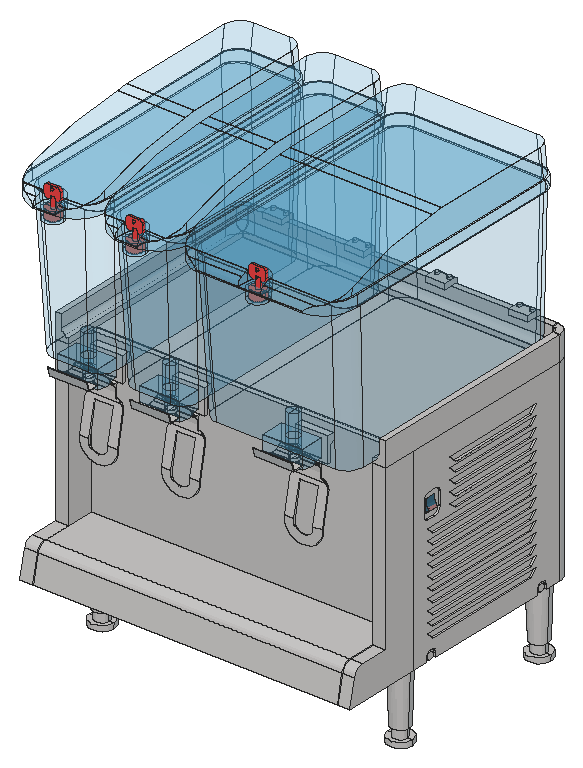
Revit family "QF_ELECTROLUXPROFESSIONAL_600930_ECS3D22UK", category Specialty Equipment, Revit 2018
Family settings
  Round Connector Dimension = Use Diameter
  Part Type = Normal
  Work Plane-Based = No
  Always vertical = Yes
  Cut with Voids When Loaded = No
  Shared = No
  Room Calculation Point = No
Parameters (values of type "Standard")
  Weight = 32.00 kg
  Watts = 0 W
  Volts = 230 V
  URL Manufacturer = "http://professional.electrolux.com"
  URL = "http://professional.electrolux.com"
  Steam Supply Size = 0 mm
  Steam Supply Minimum Pressure = 0.0 Pa
  Steam Supply Maximum Pressure = 0.0 Pa
  Steam Pounds per Hour = 0
  Refrigeration Suction Line Size = 0 mm
  Refrigeration Liquid Line Size = 0 mm
  Refrigerant Compressor Remote = yes
  Manufacturer = "Electrolux Professional"
  Phase = 1
  Model = "ECS3D22UK"
  Length Actual = 521.0 mm  # constant formula
  Item Number = "600930"
  Hot Water Size = 0 mm
  Height Actual = 729.0 mm  # constant formula
  HP = "1.3 HP"
  Gas Size = 0 mm
  Gas KW = 0
  Gas Input Pressure = 0 W
  Direct Waste Size = 0 mm
  Description = "COLD BEV DISP. 1x18 LT+2x9 LT-AGITATOR-UK PLUG"
  Depth Actual = 451.0 mm  # constant formula
  Cycle = 60 Hz
  Condensate Return Size = 0 mm
  Compressed Air Volume = 0.0 L/s
  Compressed Air Size = 0 mm
  Compressed Air Pressure = 0.0 Pa
  Cold Water Size = 0 mm
  Accessory = yes
Reference planes
  plane 1 "Center (Front/Back)": y = 0
  plane 2 "BASE": z = 0
  plane 3 "Center (Left/Right)": x = 0
  plane 4 "FEET": z = 110
  plane 5 "BACK": y = 212
  plane 6 "LEFT": x = -260
  plane 7 "RIGHT": x = 260
  plane 8 "FeetBack": y = 182
  plane 9 "EI_Front": y = 43
  plane 10 "TopBase": z = 420
  plane 11 "TOP": z = 729
  plane 12 "FRONT": y = -256
  plane 13 "FeetFront": y = -91
  plane 14 "Fillet": y = 192
  plane 15 "EI_Left": x = 234.6
  plane 16 "BaseVasca": z = 420
  plane 17 "Key": y = -238.074
Forms (mm)
  Extrusion 1, solid, material "QF_Finishes_Rubber Black"
    sketch origin (127, -237.264, 237.417) x (-1, 0, 0) y (0, 0, 1)
      loop
        line (-134.813, 85.505) -> (-130.245, 83.471) -> (-130.245, 81.362) -> (-128, 81.362) -> (-128, 101.362) -> (-130.245, 101.362)
        arc (-130.245, 101.362) -> (-131.172, 93.043) -> (-134.813, 85.505) r 24.82
    from 185 to 170
  Extrusion 2, solid, material "QF_Clearances", detail levels coarse
    sketch origin (1888.173, -11.659, 0) x (1, 0, 0) y (0, 1, 0)
      loop
        line (-2148.173, -244.341) -> (-2148.173, 223.659) -> (-1628.173, 223.659) -> (-1628.173, -244.341) -> (-1501.173, -244.341) -> (-1501.173, 373.659) -> (-2275.173, 373.659) -> (-2275.173, -244.341) -> (-2148.173, -244.341)
    from 0 to 729
  Revolve 3, solid, material "QF_Finishes_Stainless Steel"
    sketch origin (127, -91, 0) x (0, 0, 1) y (1, 0, 0)
      loop
        line (0, 127) -> (0, 108) -> (110, 108) -> (110, 125.038) -> (23, 122) -> (23, 119) -> (8, 119) -> (8, 127) -> (0, 127)
      axis (0, 108) -> (110, 108)
    angle from 0 to 360
  Revolve 4, solid, material "QF_Finishes_Stainless Steel"
    sketch origin (-127, -91, 0) x (0, 0, 1) y (1, 0, 0)
      loop
        line (0, -127) -> (8, -127) -> (8, -119) -> (23, -119) -> (23, -122) -> (110, -125.038) -> (110, -108) -> (0, -108) -> (0, -127)
      axis (0, -108) -> (110, -108)
    angle from 0 to 360
  Revolve 5, solid, material "QF_Finishes_Stainless Steel"
    sketch origin (127, 182, 0) x (-1, 0, 0) y (0, 0, 1)
      loop
        line (-127, 0) -> (-108, 0) -> (-108, 110) -> (-125.038, 110) -> (-122, 23) -> (-119, 23) -> (-119, 8) -> (-127, 8) -> (-127, 0)
      axis (-108, 0) -> (-108, 110)
    angle from 0 to 360
  Revolve 6, solid, material "QF_Finishes_Stainless Steel"
    sketch origin (-127, 182, 0) x (-1, 0, 0) y (0, 0, 1)
      loop
        line (127, 0) -> (127, 8) -> (119, 8) -> (119, 23) -> (122, 23) -> (125.038, 110) -> (108, 110) -> (108, 0) -> (127, 0)
      axis (108, 0) -> (108, 110)
    angle from 0 to 360
  Extrusion 7, solid, material "QF_Finishes_Stainless Steel"
    sketch origin (260, 0, 0) x (0, -1, 0) y (0, 0, 1)
      loop
        line (96.764, 110) -> (221, 110) -> (211.598, 151.16)
        arc (211.598, 151.16) -> (205.975, 160.107) -> (196, 163.597) r 16
        line (196, 163.597) -> (151, 163.597) -> (151, 420) -> (96.764, 420) -> (96.764, 110)
    from 20 to 0
  Extrusion 8, solid, material "QF_Finishes_Stainless Steel"
    sketch origin (0, 0, 0) x (0, 1, 0) y (0, 0, 1)
      loop
        line (-96.764, 110) -> (-96.764, 420) -> (-106, 420) -> (-106, 163.597) -> (-196, 163.597)
        arc (-196, 163.597) -> (-205.975, 160.107) -> (-211.598, 151.16) r 16
        line (-211.598, 151.16) -> (-221, 110) -> (-96.764, 110)
    from -240 to 240
  Extrusion 9, solid, material "QF_Finishes_Stainless Steel"
    sketch origin (260, -1000, 0) x (0, -1, 0) y (0, 0, 1)
      loop
        line (-903.236, 110) -> (-903.236, 420) -> (-1192, 420) -> (-1192, 110) -> (-1166, 110) -> (-1166, 115.694)
        arc (-1166, 115.694) -> (-1156, 125.694) -> (-1146, 115.694) r 10
        line (-1146, 115.694) -> (-1146, 110) -> (-948, 110) -> (-948, 115.694)
        arc (-948, 115.694) -> (-938, 125.694) -> (-928, 115.694) r 10
        line (-928, 115.694) -> (-928, 110) -> (-903.236, 110)
      loop
        arc (-923.159, 339.837) -> (-926.088, 346.908) -> (-933.159, 349.837) r 10
        line (-933.159, 349.837) -> (-947.159, 349.837)
        arc (-947.159, 349.837) -> (-954.23, 346.908) -> (-957.159, 339.837) r 10
        line (-957.159, 339.837) -> (-957.159, 319.837)
        arc (-957.159, 319.837) -> (-954.23, 312.766) -> (-947.159, 309.837) r 10
        line (-947.159, 309.837) -> (-933.159, 309.837)
        arc (-933.159, 309.837) -> (-926.088, 312.766) -> (-923.159, 319.837) r 10
        line (-923.159, 319.837) -> (-923.159, 339.837)
      loop
        line (-974.071, 381.364) -> (-1149.071, 381.364) -> (-1137.071, 369.364) -> (-986.071, 369.364) -> (-974.071, 381.364)
      loop
        line (-974.071, 364.864) -> (-1149.071, 364.864) -> (-1137.071, 352.864) -> (-986.071, 352.864) -> (-974.071, 364.864)
      loop
        line (-974.071, 348.364) -> (-1149.071, 348.364) -> (-1137.071, 336.364) -> (-986.071, 336.364) -> (-974.071, 348.364)
      loop
        line (-974.071, 331.864) -> (-1149.071, 331.864) -> (-1137.071, 319.864) -> (-986.071, 319.864) -> (-974.071, 331.864)
      loop
        line (-974.071, 315.364) -> (-1149.071, 315.364) -> (-1137.071, 303.364) -> (-986.071, 303.364) -> (-974.071, 315.364)
      loop
        line (-929.071, 298.864) -> (-1149.071, 298.864) -> (-1137.071, 286.864) -> (-941.071, 286.864) -> (-929.071, 298.864)
      loop
        line (-929.071, 282.364) -> (-1149.071, 282.364) -> (-1137.071, 270.364) -> (-941.071, 270.364) -> (-929.071, 282.364)
      loop
        line (-929.071, 265.864) -> (-1149.071, 265.864) -> (-1137.071, 253.864) -> (-941.071, 253.864) -> (-929.071, 265.864)
      loop
        line (-929.071, 249.364) -> (-1149.071, 249.364) -> (-1137.071, 237.364) -> (-941.071, 237.364) -> (-929.071, 249.364)
      loop
        line (-929.071, 232.864) -> (-1149.071, 232.864) -> (-1137.071, 220.864) -> (-941.071, 220.864) -> (-929.071, 232.864)
      loop
        line (-929.071, 216.364) -> (-1149.071, 216.364) -> (-1137.071, 204.364) -> (-941.071, 204.364) -> (-929.071, 216.364)
      loop
        line (-929.071, 199.864) -> (-1149.071, 199.864) -> (-1137.071, 187.864) -> (-941.071, 187.864) -> (-929.071, 199.864)
      loop
        line (-929.071, 183.364) -> (-1149.071, 183.364) -> (-1137.071, 171.364) -> (-941.071, 171.364) -> (-929.071, 183.364)
      loop
        line (-929.071, 166.864) -> (-1149.071, 166.864) -> (-1137.071, 154.864) -> (-941.071, 154.864) -> (-929.071, 166.864)
      loop
        line (-929.071, 150.364) -> (-1149.071, 150.364) -> (-1137.071, 138.364) -> (-941.071, 138.364) -> (-929.071, 150.364)
    from 5 to 0
  Extrusion 10, solid, material "QF_Finishes_Stainless Steel"
    sketch origin (-260, 0, 0) x (0, 1, 0) y (0, 0, 1)
      loop
        line (-96.764, 110) -> (-96.764, 420) -> (-151, 420) -> (-151, 163.597) -> (-196, 163.597)
        arc (-196, 163.597) -> (-205.975, 160.107) -> (-211.598, 151.16) r 16
        line (-211.598, 151.16) -> (-221, 110) -> (-96.764, 110)
    from 20 to 0
  Extrusion 11, solid, material "QF_Finishes_Stainless Steel"
    sketch origin (-260, 0, 0) x (0, 1, 0) y (0, 0, 1)
      loop
        line (-96.764, 110) -> (-72, 110) -> (-72, 115.694)
        arc (-72, 115.694) -> (-62, 125.694) -> (-52, 115.694) r 10
        line (-52, 115.694) -> (-52, 110) -> (146, 110) -> (146, 115.694)
        arc (146, 115.694) -> (156, 125.694) -> (166, 115.694) r 10
        line (166, 115.694) -> (166, 110) -> (192, 110) -> (192, 420) -> (-96.764, 420) -> (-96.764, 110)
      loop
        line (-70.929, 381.364) -> (-58.929, 369.364) -> (137.071, 369.364) -> (149.071, 381.364) -> (-70.929, 381.364)
      loop
        line (-70.929, 364.864) -> (-58.929, 352.864) -> (137.071, 352.864) -> (149.071, 364.864) -> (-70.929, 364.864)
      loop
        line (-70.929, 348.364) -> (-58.929, 336.364) -> (137.071, 336.364) -> (149.071, 348.364) -> (-70.929, 348.364)
      loop
        line (-70.929, 331.864) -> (-58.929, 319.864) -> (137.071, 319.864) -> (149.071, 331.864) -> (-70.929, 331.864)
      loop
        line (-70.929, 315.364) -> (-58.929, 303.364) -> (137.071, 303.364) -> (149.071, 315.364) -> (-70.929, 315.364)
      loop
        line (-70.929, 298.864) -> (-58.929, 286.864) -> (137.071, 286.864) -> (149.071, 298.864) -> (-70.929, 298.864)
      loop
        line (-70.929, 282.364) -> (-58.929, 270.364) -> (137.071, 270.364) -> (149.071, 282.364) -> (-70.929, 282.364)
      loop
        line (-70.929, 265.864) -> (-58.929, 253.864) -> (137.071, 253.864) -> (149.071, 265.864) -> (-70.929, 265.864)
      loop
        line (-70.929, 249.364) -> (-58.929, 237.364) -> (137.071, 237.364) -> (149.071, 249.364) -> (-70.929, 249.364)
      loop
        line (-70.929, 232.864) -> (-58.929, 220.864) -> (137.071, 220.864) -> (149.071, 232.864) -> (-70.929, 232.864)
      loop
        line (-70.929, 216.364) -> (-58.929, 204.364) -> (137.071, 204.364) -> (149.071, 216.364) -> (-70.929, 216.364)
      loop
        line (-70.929, 199.864) -> (-58.929, 187.864) -> (137.071, 187.864) -> (149.071, 199.864) -> (-70.929, 199.864)
      loop
        line (-70.929, 183.364) -> (-58.929, 171.364) -> (137.071, 171.364) -> (149.071, 183.364) -> (-70.929, 183.364)
      loop
        line (-70.929, 166.864) -> (-58.929, 154.864) -> (137.071, 154.864) -> (149.071, 166.864) -> (-70.929, 166.864)
      loop
        line (-70.929, 150.364) -> (-58.929, 138.364) -> (137.071, 138.364) -> (149.071, 150.364) -> (-70.929, 150.364)
    from 5 to 0
  Extrusion 12, solid, material "QF_Finishes_Stainless Steel"
    sketch origin (0, 0, 0) x (0, 1, 0) y (0, 0, 1)
      loop
        line (-96.764, 110) -> (192, 110) -> (192, 420) -> (-96.764, 420) -> (-96.764, 110)
    from 255 to -255
  Extrusion 13, solid, material "QF_Finishes_Stainless Steel"
    sketch origin (0, 0, 0) x (0, 1, 0) y (0, 0, 1)
      loop
        line (212, 110) -> (212, 420) -> (192, 420) -> (192, 110) -> (212, 110)
    from 240 to -240
  Extrusion 14, solid, material "QF_Finishes_Stainless Steel"
    sketch origin (0, -256, 0) x (-1, 0, 0) y (0, 0, 1)
      loop
        line (-260, 420) -> (-240, 420) -> (-240, 428.026)
        arc (-240, 428.026) -> (-247.802, 431.235) -> (-251.037, 439.026) r 11
        line (-251.037, 439.026) -> (-251.037, 458.026) -> (-260, 458.026) -> (-260, 420)
      loop
        line (260, 420) -> (260, 458.026) -> (251.037, 458.026) -> (251.037, 439.026)
        arc (251.037, 439.026) -> (247.802, 431.235) -> (240, 428.026) r 11
        line (240, 428.026) -> (240, 420) -> (260, 420)
    from 448 to 105
  Extrusion 15, solid, material "QF_Finishes_Stainless Steel"
    sketch origin (0, 0, 0) x (0, 1, 0) y (0, 0, 1)
      loop
        line (212, 420) -> (212, 458.026) -> (203.037, 458.026) -> (203.037, 439.026)
        arc (203.037, 439.026) -> (199.802, 431.235) -> (192, 428.026) r 11
        line (192, 428.026) -> (192, 420) -> (212, 420)
    from 240 to -240
  Revolve 16, solid, material "QF_Finishes_Stainless Steel"
    sketch origin (127, 192, 0) x (-1, 0, 0) y (0, 0, 1)
      loop
        line (-113, 420) -> (-113, 428.026)
        arc (-113, 428.026) -> (-120.802, 431.235) -> (-124.037, 439.026) r 11
        line (-124.037, 439.026) -> (-124.037, 458.026) -> (-133, 458.026) -> (-133, 420) -> (-113, 420)
      axis (-113, 420) -> (-113, 458.026)
    angle from 0 to -90
  Revolve 17, solid, material "QF_Finishes_Stainless Steel"
    sketch origin (-127, 192, 0) x (1, 0, 0) y (0, 0, 1)
      loop
        line (-113, 420) -> (-113, 428.026)
        arc (-113, 428.026) -> (-120.802, 431.235) -> (-124.037, 439.026) r 11
        line (-124.037, 439.026) -> (-124.037, 458.026) -> (-133, 458.026) -> (-133, 420) -> (-113, 420)
      axis (-113, 420) -> (-113, 458.026)
    angle from 0 to -90
  Extrusion 18, solid, material "QF_Finishes_Stainless Steel"
    sketch origin (0, 0, 110) x (-1, 0, 0) y (0, -1, 0)
      loop
        line (240, -192) -> (240, -212)
        arc (240, -212) -> (254.142, -206.142) -> (260, -192) r 20
        line (260, -192) -> (240, -192)
      loop
        arc (-260, -192) -> (-254.142, -206.142) -> (-240, -212) r 20
        line (-240, -212) -> (-240, -192) -> (-260, -192)
    from 0 to 310
  Extrusion 19, solid, material "QF_Finishes_Stainless Steel"
    sketch origin (260, 0, 0) x (0, -1, 0) y (0, 0, 1)
      loop
        circle (62, 115.694) r 5
      loop
        circle (-156, 115.694) r 5
    from 1 to 5
  Extrusion 20, solid, material "QF_Finishes_Stainless Steel"
    sketch origin (-260, 0, 0) x (0, 1, 0) y (0, 0, 1)
      loop
        circle (-62, 115.694) r 5
      loop
        circle (156, 115.694) r 5
    from 1 to 5
  Extrusion 21, solid, material "QF_Finishes_Stainless Steel"
    sketch origin (126.6, 43, 110) x (-1, 0, 0) y (0, -1, 0)
      loop
        circle (-108, 0) r 10
    from 0 to -10
Lines and regions (mm)
  symbolic lines
    curve 1: arc (-240, 212, 420) -> (-254.142, 206.142, 420) -> (-260, 192, 420) r 20
    curve 2: line (240, 212, 420) -> (209.263, 212, 420)
    curve 3: arc (240, 212, 420) -> (254.142, 206.142, 420) -> (260, 192, 420) r 20
    curve 4: line (-260, 192, 420) -> (-260, -221, 420)
    curve 5: line (260, -221, 420) -> (260, 192, 420)
    curve 6: line (240, 203.037, 420) -> (209.263, 203.037, 420)
    curve 7: arc (-240, 203.037, 420) -> (-247.805, 199.805, 420) -> (-251.037, 192, 420) r 11.037
    curve 8: arc (240, 203.037, 420) -> (247.805, 199.805, 420) -> (251.037, 192, 420) r 11.037
    curve 9: line (-251.037, 192, 420) -> (-251.037, 181.842, 420)
    curve 10: line (251.037, 184.444, 420) -> (251.037, 192, 420)
    curve 11: line (-255.263, -151, 420) -> (-260, -151, 420)
    curve 12: line (-260, -221, 420) -> (-251.837, -221, 420)
    curve 13: line (-6.579, -221, 420) -> (4.809, -221, 420)
    curve 14: line (260, -221, 420) -> (253.717, -221, 420)
    curve 15: line (260, -151, 420) -> (257.131, -151, 420)
    curve 16: line (-208.894, 203.037, 420) -> (-240, 203.037, 420)
    curve 17: line (49.263, 203.037, 420) -> (-49.631, 203.037, 420)
    curve 18: line (49.263, 212, 420) -> (-49.631, 212, 420)
    curve 19: line (-208.894, 212, 420) -> (-240, 212, 420)
    curve 20: line (179.263, 212, 420) -> (79.263, 212, 420)
    curve 21: line (179.263, 203.037, 420) -> (79.263, 203.037, 420)
    curve 22: line (-79.631, 203.037, 420) -> (-178.894, 203.037, 420)
    curve 23: line (-79.631, 212, 420) -> (-178.894, 212, 420)
    curve 24: line (-135.951, -221, 420) -> (-122.574, -221, 420)
Dimensions and locks
  plane 4 "FEET" to level = 110.0 mm
  plane 6 "LEFT" to plane 3 "Center (Left/Right)" to plane 7 "RIGHT" = 260.0 mm, 260.0 mm
  plane 6 "LEFT" to plane 7 "RIGHT" = 520.0 mm
  plane 5 "BACK" to plane 8 "FeetBack" = 30.0 mm
  plane 7 "RIGHT" to plane 6 "LEFT" = 520.0 mm
  plane 5 "BACK" to plane 12 "FRONT" = 468.0 mm
  plane 11 "TOP" to level = 729.0 mm
  plane 9 "EI_Front" to plane 5 "BACK" = 169.0 mm
  plane 10 "TopBase" to level = 420.0 mm
  plane 15 "EI_Left" to plane 7 "RIGHT" = 25.4 mm
  plane 5 "BACK" to plane 9 "EI_Front" = 169.0 mm
  aligned and locked: level to plane 2 "BASE"
Nested families
  nested 1: "CS2-V1" at (-64.631, 0.03, 0), type "CS2-V1"
  nested 2: "CS2-V1" at (-193.894, 0.03, 0), type "CS2-V1"
  nested 3: "CS1-V2" at (129.263, 0, 0), type "CS1-V2"
Connectors
  electrical at (234.6, 43, 100), driven by "Volts"
    settings: on Extrusion 21, index 1, voltage 230 V, apparent load 0 VA, apparent load phase1 0 VA, apparent load phase2 0 VA, apparent load phase3 0 VA, power factor 1, load classification "Other", number of poles 1, system type 30, power factor state 1, is connector primary yes, connector utility no, sub classification motor no, connector description "Electrical Connection"
Definition of nested family "CS2-V1"
  Parameters (values of type "CS2-V1")
    Weight = 48.00 kg
    Watts = 71.5353 W
    Volts = 230 V
    URL Manufacturer = "http://professional.electrolux.com"
    URL = "http://professional.electrolux.com"
    Steam Supply Size = 0 mm
    Steam Supply Minimum Pressure = 0.0 Pa
    Steam Supply Maximum Pressure = 0.0 Pa
    Steam Pounds per Hour = 0
    Refrigeration Suction Line Size = 0 mm
    Refrigeration Liquid Line Size = 0 mm
    Refrigerant Compressor Remote = yes
    Manufacturer = "Electrolux"
    Phase = 1
    Model = "SP2ITNK"
    Length Actual = 447.0 mm  # constant formula
    Item Number = "560013"
    Hot Water Size = 0 mm
    Height Actual = 612.0 mm  # constant formula
    HP = "1 HP"
    Gas Size = 0 mm
    Gas KW = 0
    Gas Input Pressure = 0 W
    Description = "2X5 LT BOWL - FROZEN GRANITA AND FROZEN CREAM DISPENSER - 2 INSULATED BOWLS - WHITE"
    Depth Actual = 438.0 mm  # constant formula
    Cycle = 50 Hz
    Condensate Return Size = 0 mm
    Compressed Air Volume = 0.0 L/s
    Compressed Air Size = 0 mm
    Compressed Air Pressure = 0.0 Pa
    Cold Water Size = 0 mm
    Accessory = yes
  Reference planes
    plane 1 "Center (Front/Back)": y = 0
    plane 2 "BASE": z = 0
    plane 3 "Center (Left/Right)": x = 0
    plane 4 "FEET": z = 110
    plane 5 "BACK": y = 212
    plane 6 "LEFT": x = -66.5
    plane 7 "RIGHT": x = 66.5
    plane 8 "TopBase": z = 420
    plane 9 "TOP": z = 729
    plane 10 "FRONT": y = -256
    plane 11 "Fillet": y = 192
    plane 12 "BaseVasca": z = 420
    plane 13 "Key": y = -238.074
    plane 14: y = -168.455
  Forms (mm)
    Blend 1, solid
      base sketch origin (64.522, 0, 420) x (0, -1, 0) y (1, 0, 0)
        loop
          arc (178, -116.522) -> (195.678, -109.199) -> (203, -91.522) r 25
          line (203, -91.522) -> (203, -37.522)
          arc (203, -37.522) -> (195.678, -19.844) -> (178, -12.522) r 25
          line (178, -12.522) -> (-167, -12.522)
          arc (-167, -12.522) -> (-184.678, -19.844) -> (-192, -37.522) r 25
          line (-192, -37.522) -> (-192, -91.522)
          arc (-192, -91.522) -> (-184.678, -109.199) -> (-167, -116.522) r 25
          line (-167, -116.522) -> (178, -116.522)
      top sketch origin (64.522, 0, 420) x (0, -1, 0) y (1, 0, 0)
        loop
          arc (-192, -98.022) -> (-184.678, -115.699) -> (-167, -123.022) r 25
          line (-167, -123.022) -> (193, -123.022)
          arc (193, -123.022) -> (210.678, -115.699) -> (218, -98.022) r 25
          line (218, -98.022) -> (218, -31.022)
          arc (218, -31.022) -> (210.678, -13.344) -> (193, -6.022) r 25
          line (193, -6.022) -> (-167, -6.022)
          arc (-167, -6.022) -> (-184.678, -13.344) -> (-192, -31.022) r 25
          line (-192, -31.022) -> (-192, -98.022)
      from 8 to 247
    Blend 2, solid
      base sketch origin (133, 0, 420) x (0, -1, 0) y (1, 0, 0)
        loop
          arc (-192, -166.706) -> (-184.678, -184.383) -> (-167, -191.706) r 25
          line (-167, -191.706) -> (210.038, -191.706)
          arc (210.038, -191.706) -> (240.444, -179.111) -> (253.038, -148.706) r 43
          line (253.038, -148.706) -> (253.038, -117.706)
          arc (253.038, -117.706) -> (240.444, -87.3) -> (210.038, -74.706) r 43
          line (210.038, -74.706) -> (-167, -74.706)
          arc (-167, -74.706) -> (-184.678, -82.028) -> (-192, -99.706) r 25
          line (-192, -99.706) -> (-192, -166.706)
      top sketch origin (133, 0, 420) x (0, -1, 0) y (1, 0, 0)
        loop
          arc (-192, -161.5) -> (-184.678, -179.178) -> (-167, -186.5) r 25
          line (-167, -186.5) -> (200.138, -186.5)
          arc (200.138, -186.5) -> (235.494, -171.855) -> (250.138, -136.5) r 50
          line (250.138, -136.5) -> (250.138, -129.5)
          arc (250.138, -129.5) -> (235.494, -94.145) -> (200.138, -79.5) r 50
          line (200.138, -79.5) -> (-167, -79.5)
          arc (-167, -79.5) -> (-184.678, -86.822) -> (-192, -104.5) r 25
          line (-192, -104.5) -> (-192, -161.5)
      from 265.34 to 309
    Extrusion 3, solid
      sketch origin (64.522, 0, 420) x (0, -1, 0) y (1, 0, 0)
        loop
          line (256, -82.29) -> (256, -46.753)
          arc (256, -46.753) -> (236.607, -15.408) -> (201.845, -3.153) r 55.433
          line (201.845, -3.153) -> (-168.323, -3.153)
          arc (-168.323, -3.153) -> (-187.191, -11.767) -> (-194.9, -31.022) r 27.9
          line (-194.9, -31.022) -> (-194.9, -98.022)
          arc (-194.9, -98.022) -> (-187.191, -117.277) -> (-168.323, -125.89) r 27.9
          line (-168.323, -125.89) -> (201.845, -125.89)
          arc (201.845, -125.89) -> (236.607, -113.636) -> (256, -82.29) r 55.433
      from 265.34 to 247
    Extrusion 4, void
      sketch origin (108, 0, 0) x (0, 1, 0) y (0, 0, 1)
        loop
          line (-26.39, 729) -> (-26.39, 734) -> (-256, 734) -> (-256, 669.303) -> (-254.726, 672.803)
          arc (-254.726, 672.803) -> (-252.106, 677.514) -> (-248.147, 681.172) r 17.063
          arc (-248.147, 681.172) -> (-148.754, 713.466) -> (-45.263, 728.011) r 599.546
          line (-45.263, 728.011) -> (-26.39, 729)
      from -174.5 to -41.5
    Extrusion 5, void
      sketch origin (0, 0, 0) x (0, 1, 0) y (0, 0, 1)
        loop
          arc (-249.651, 680.531) -> (-239.286, 684.849) -> (-228.842, 688.973) r 599.546
          line (-228.842, 688.973) -> (-262.493, 688.973) -> (-262.493, 670.038) -> (-256, 670.038)
          arc (-256, 670.038) -> (-254.289, 676.17) -> (-249.651, 680.531) r 11.845
      from -66.5 to 66.5
    Extrusion 6, void
      sketch origin (0, 0, 420) x (0, -1, 0) y (1, 0, 0)
        loop
          line (238.074, -17.633) -> (256, -17.633) -> (256, 17.633) -> (238.074, 17.633)
          arc (238.074, 17.633) -> (220.441, 0) -> (238.074, -17.633) r 17.633
      from 249.303 to 265.34
    Extrusion 7, void
      sketch origin (64.522, 0, 420) x (0, -1, 0) y (1, 0, 0)
        loop
          circle (238.074, -64.522) r 12
      from 233.373 to 247
    Extrusion 8, solid
      sketch origin (64.522, 0, 420) x (0, -1, 0) y (1, 0, 0)
        loop
          circle (238.074, -64.522) r 15.757
      from 230.564 to 247
    Revolve 9, solid
      sketch origin (64.522, -238.074, 0) x (-1, 0, 0) y (0, 0, 1)
        loop
          line (64.522, 683.398) -> (61.099, 683.398) -> (61.099, 667) -> (52.522, 667) -> (52.522, 653.373) -> (64.522, 653.373) -> (64.522, 683.398)
        axis (64.522, 653.373) -> (64.522, 683.398)
      angle from 0 to 360
    Extrusion 10, solid
      sketch origin (64.522, -238.074, 0) x (-1, 0, 0) y (0, 0, 1)
        loop
          line (62.099, 683.398) -> (66.944, 683.398) -> (66.944, 678.398) -> (71.849, 678.398)
          arc (71.849, 678.398) -> (76.091, 680.156) -> (77.849, 684.398) r 6
          line (77.849, 684.398) -> (77.849, 692.398)
          arc (77.849, 692.398) -> (76.091, 696.641) -> (71.849, 698.398) r 6
          line (71.849, 698.398) -> (57.195, 698.398)
          arc (57.195, 698.398) -> (52.952, 696.641) -> (51.195, 692.398) r 6
          line (51.195, 692.398) -> (51.195, 684.398)
          arc (51.195, 684.398) -> (52.952, 680.156) -> (57.195, 678.398) r 6
          line (57.195, 678.398) -> (62.099, 678.398) -> (62.099, 683.398)
        loop
          circle (64.522, 693.106) r 3
      from -2 to 2
    Extrusion 11, solid
      sketch origin (0, 0, 0) x (0, 1, 0) y (0, 0, 1)
        loop
          line (-190.5, 428) -> (-190.5, 398) -> (-174.107, 395.109) -> (-164.107, 395.109) -> (-159.607, 399.609) -> (-153.116, 399.609) -> (-153.116, 428) -> (-190.5, 428)
      from -31.045 to 31
    Revolve 12, void
      sketch origin (0, 0, 0) x (0, 1, 0) y (0, 0, 1)
        loop
          line (-168.455, 463.265) -> (-178.327, 463.265) -> (-178.327, 410.984) -> (-175.351, 410.984) -> (-175.351, 398) -> (-174.149, 398) -> (-174.149, 388) -> (-168.455, 388) -> (-168.455, 463.265)
        axis (-168.455, 388) -> (-168.455, 463.265)
      angle from 0 to 360
    Revolve 13, solid
      sketch origin (0, 0, 0) x (0, 1, 0) y (0, 0, 1)
        loop
          line (-168.455, 385.109) -> (-163.455, 385.109) -> (-163.455, 395.109) -> (-161.56, 395.109) -> (-161.56, 398) -> (-168.455, 398) -> (-168.455, 385.109)
        axis (-168.455, 398) -> (-168.455, 385.109)
      angle from 0 to 360
    Extrusion 14, solid
      sketch origin (0, 0, 0) x (0, 1, 0) y (0, 0, 1)
        loop
          line (-211.42, 417.932) -> (-207.338, 404.58) -> (-190.5, 404.58) -> (-190.5, 405.58) -> (-206.598, 405.58) -> (-210.464, 418.224) -> (-211.42, 417.932)
      from -31.045 to 31
    Extrusion 15, solid
      sketch origin (0, 0, 0) x (0, 1, 0) y (0, 0, 1)
        loop
          line (-149.25, 259.609) -> (-148.25, 259.609) -> (-148.25, 296.088) -> (-136.39, 354.802)
          arc (-136.39, 354.802) -> (-135.207, 366.291) -> (-136.255, 377.793) r 59.784
          line (-136.255, 377.793) -> (-131.876, 379.387) -> (-129.145, 379.387) -> (-129.145, 380.887) -> (-132.141, 380.887) -> (-136.557, 379.279) -> (-139.722, 379.279) -> (-156.78, 399.609) -> (-158.086, 399.609) -> (-140.188, 378.279) -> (-137.37, 378.279)
          arc (-137.37, 378.279) -> (-136.206, 366.64) -> (-137.37, 355) r 58.784
          line (-137.37, 355) -> (-149.25, 296.188) -> (-149.25, 259.609)
      from -30 to 30
    Extrusion 16, void
      sketch origin (0, -238.074, 0) x (-1, 0, 0) y (0, 0, 1)
        loop
          line (15, 348.279) -> (-15, 348.279) -> (-15, 288.279)
          arc (-15, 288.279) -> (0, 279.279) -> (15, 288.279) r 17
          line (15, 288.279) -> (15, 348.279)
        loop
          arc (30, 288.469) -> (0, 265.279) -> (-30, 288.469) r 31
          line (-30, 288.469) -> (-30, 344.632)
          arc (-30, 344.632) -> (-26.112, 354.705) -> (-16.464, 359.553) r 14.993
          line (-16.464, 359.553) -> (-16.464, 399.609) -> (-36.464, 399.609) -> (-36.464, 259.609) -> (36.464, 259.609) -> (36.464, 399.609) -> (16.464, 399.609) -> (16.464, 359.553)
          arc (16.464, 359.553) -> (26.112, 354.705) -> (30, 344.632) r 14.993
          line (30, 344.632) -> (30, 288.469)
      from 79.263 to 108.929
    Extrusion 17, solid
      sketch origin (0, 0, 0) x (0, 1, 0) y (0, 0, 1)
        loop
          line (-133.507, 380.887) -> (-129.145, 380.887) -> (-129.145, 406.439) -> (-121.488, 410.009) -> (-121.488, 420.078) -> (-133.507, 420.078) -> (-133.507, 380.887)
      from -25 to 24.963
    Extrusion 18, solid
      sketch origin (0, 0, 0) x (0, 1, 0) y (0, 0, 1)
        loop
          line (192, 458) -> (212, 458) -> (212, 447.335) -> (215, 447.335) -> (215, 462.335)
          arc (215, 462.335) -> (213.865, 465.076) -> (211.123, 466.212) r 3.877
          line (211.123, 466.212) -> (192, 466.212) -> (192, 458)
      from 15 to -15
    Extrusion 19, solid
      sketch origin (0, 0, 420) x (0, -1, 0) y (1, 0, 0)
        loop
          circle (-207, -10) r 3
        loop
          circle (-207, 10) r 3
      from 46.212 to 48.2
  Cuts and joins
    Extrusion 4, Extrusion 6 cuts Blend 2
    Extrusion 5, Extrusion 6, Extrusion 7 cuts Extrusion 3
    Extrusion 7, Revolve 12 cuts Blend 1
    Extrusion 7 cuts Extrusion 8
    Revolve 12, Extrusion 16 cuts Extrusion 11
    Extrusion 16 cuts Extrusion 15
  Lines and regions (mm)
    symbolic lines
      curve 1: arc (-28.5, 192, 420) -> (-46.178, 184.678, 420) -> (-53.5, 167, 420) r 25
      curve 2: arc (-58.706, 167, 420) -> (-51.383, 184.678, 420) -> (-33.706, 192, 420) r 25
      curve 3: arc (-33.5, 194.9, 420) -> (-52.755, 187.191, 420) -> (-61.369, 168.323, 420) r 27.9
      curve 4: line (-33.5, 194.9, 420) -> (33.5, 194.9, 420)
      curve 5: arc (61.369, 168.323, 420) -> (52.755, 187.191, 420) -> (33.5, 194.9, 420) r 27.9
      curve 6: arc (33.294, 192, 420) -> (50.972, 184.678, 420) -> (58.294, 167, 420) r 25
      curve 7: arc (53.5, 167, 420) -> (46.178, 184.678, 420) -> (28.5, 192, 420) r 25
      curve 8: line (33.294, 192, 420) -> (-33.706, 192, 420)
      curve 9: line (-61.369, -201.845, 420) -> (-61.369, 168.323, 420)
      curve 10: line (-58.706, -210.038, 420) -> (-58.706, 167, 420)
      curve 11: line (-53.5, 167, 420) -> (-53.5, -26.39, 420)
      curve 12: line (53.5, -26.39, 420) -> (53.5, 167, 420)
      curve 13: line (58.294, 167, 420) -> (58.294, -210.038, 420)
      curve 14: line (61.369, 168.323, 420) -> (61.369, -201.845, 420)
      curve 15: line (-53.5, -26.39, 420) -> (53.5, -26.39, 420)
      curve 16: arc (-61.369, -201.845, 420) -> (-49.07, -236.662, 420) -> (-17.633, -256.03, 420) r 55.433
      curve 17: arc (-48.4, -237.968, 420) -> (-56.047, -224.923, 420) -> (-58.706, -210.038, 420) r 43
      curve 18: spline (-57.335, -207.457, 420) -> (-57.408, -210.163, 420) -> (-57.328, -212.865, 420) -> (-57.096, -215.554, 420) -> (-56.712, -218.224, 420) -> (-56.178, -220.866, 420) -> (-55.494, -223.473, 420) -> (-54.663, -226.037, 420) -> (-53.688, -228.551, 420) -> (-52.57, -231.008, 420) -> (-51.314, -233.401, 420) -> (-49.923, -235.723, 420) -> (-48.4, -237.968, 420)
      curve 19: arc (17.633, -256.03, 420) -> (49.07, -236.662, 420) -> (61.369, -201.845, 420) r 55.433
      curve 20: arc (58.294, -210.038, 420) -> (55.636, -224.923, 420) -> (47.989, -237.968, 420) r 43
      curve 21: spline (47.989, -237.968, 420) -> (49.521, -235.721, 420) -> (50.921, -233.396, 420) -> (52.187, -231.001, 420) -> (53.314, -228.543, 420) -> (54.298, -226.028, 420) -> (55.138, -223.463, 420) -> (55.831, -220.857, 420) -> (56.374, -218.216, 420) -> (56.767, -215.547, 420) -> (57.008, -212.86, 420) -> (57.096, -210.16, 420) -> (57.032, -207.457, 420)
      curve 22: line (58.294, 167, 420) -> (58.294, -210.038, 420)
      curve 23: line (-17.633, -256.03, 420) -> (-17.633, -238.074, 420)
      curve 24: line (13.327, -240.074, 420) -> (-13.327, -240.074, 420)
      curve 25: line (-13.327, -236.074, 420) -> (13.327, -236.074, 420)
      curve 26: line (17.633, -238.074, 420) -> (17.633, -256.03, 420)
      curve 27: line (17.769, -256, 420) -> (-17.769, -256, 420)
      curve 28: arc (2.777, -240.074, 420) -> (0, -241.496, 420) -> (-2.777, -240.074, 420) r 3.422
      curve 29: line (-53.5, -26.39, 420) -> (-57.335, -207.457, 420)
      curve 30: line (53.5, -26.39, 420) -> (57.032, -207.457, 420)
      curve 31: arc (17.633, -238.074, 420) -> (0, -220.441, 420) -> (-17.633, -238.074, 420) r 17.633
      curve 32: line (13.327, -240.074, 420) -> (13.327, -236.074, 420)
      curve 33: line (-13.327, -240.074, 420) -> (-13.327, -236.074, 420)
      curve 34: arc (-11.832, -236.074, 420) -> (0, -226.074, 420) -> (11.832, -236.074, 420) r 12
      curve 35: arc (11.832, -240.074, 420) -> (0, -250.074, 420) -> (-11.832, -240.074, 420) r 12
      curve 36: circle (0, -238.074, 420) r 15.757 normal (0, 0, -1)
      curve 37: arc (-2.777, -236.074, 420) -> (0, -234.652, 420) -> (2.777, -236.074, 420) r 3.422
      curve 38: line (-15, 194.9, 420) -> (-15, 215, 420)
      curve 39: line (-15, 215, 420) -> (15, 215, 420)
      curve 40: line (15, 215, 420) -> (15, 194.9, 420)
      curve 41: circle (-10, 207, 420) r 3 normal (0, 0, -1)
      curve 42: circle (10, 207, 420) r 3 normal (0, 0, 1)
  Dimensions and locks
    plane 4 "FEET" to level = 110.0 mm
    equal spacing: plane 6 "LEFT", plane 3 "Center (Left/Right)", plane 7 "RIGHT"
    plane 5 "BACK" to plane 1 "Center (Front/Back)" = 212.0 mm
    plane 6 "LEFT" to plane 7 "RIGHT" = 133.0 mm
    plane 7 "RIGHT" to plane 6 "LEFT" = 133.0 mm
    plane 5 "BACK" to plane 10 "FRONT" = 468.0 mm
    plane 9 "TOP" to level = 729.0 mm
    plane 8 "TopBase" to level = 420.0 mm
    radius of Extrusion 7 sketch curve = 12.0 mm
    aligned and locked: level to plane 2 "BASE"
  Automatic sketch dimensions
    Blend 1 sketch curve to plane 11 "Fillet" = 0.0 mm  (x2)
    Blend 1 sketch curve to Blend 1 sketch curve = 25.0 mm  (x3)
    plane 14 to Blend 1 sketch curve = 9.545 mm  (x2)
    plane 6 "LEFT" to Blend 1 sketch curve = 14.5 mm
    plane 3 "Center (Left/Right)" to Blend 1 sketch curve = 27.0 mm
    plane 7 "RIGHT" to Blend 1 sketch curve = 8.0 mm
    Blend 1 sketch curve to plane 11 "Fillet" = 25.0 mm  (x2)
    plane 6 "LEFT" to Blend 1 sketch curve = 8.0 mm
    plane 14 to Blend 1 sketch curve = 24.545 mm  (x2)
    plane 13 "Key" to Blend 1 sketch curve = 20.074 mm
    Extrusion 3 sketch curve to plane 10 "FRONT" = 0.0 mm
    Extrusion 3 sketch curve to plane 3 "Center (Left/Right)" = 5.936 mm
    plane 14 to Extrusion 3 sketch curve = 33.389 mm
    plane 3 "Center (Left/Right)" to Extrusion 3 sketch curve = 5.936 mm
    Extrusion 3 sketch curve to Extrusion 3 sketch curve = 0.0 mm
    Extrusion 3 sketch curve to plane 11 "Fillet" = 25.0 mm  (x2)
    Extrusion 3 sketch curve to plane 11 "Fillet" = 23.677 mm  (x2)
    plane 11 "Fillet" to Extrusion 3 sketch curve = 2.9 mm
    Extrusion 3 sketch curve to plane 3 "Center (Left/Right)" = 17.769 mm
    plane 3 "Center (Left/Right)" to Extrusion 3 sketch curve = 17.769 mm
    Extrusion 4 sketch curve to plane 10 "FRONT" = 0.0 mm
    plane 9 "TOP" to Extrusion 4 sketch curve = 0.0 mm
    plane 10 "FRONT" to Extrusion 4 sketch curve = 1.274 mm
    Extrusion 4 sketch curve to plane 13 "Key" = 0.619 mm
    plane 9 "TOP" to Extrusion 4 sketch curve = 0.989 mm
    plane 1 "Center (Front/Back)" to Extrusion 4 sketch curve = 45.263 mm
    Extrusion 4 sketch curve to Extrusion 4 sketch curve = 18.873 mm
    plane 1 "Center (Front/Back)" to Extrusion 4 sketch curve = 13.885 mm
    plane 9 "TOP" to Extrusion 4 sketch curve = 56.197 mm
    Extrusion 4 sketch curve to Extrusion 4 sketch curve = 3.5 mm
    Extrusion 4 sketch curve to Extrusion 4 sketch curve = 5.836 mm
    plane 4 "FEET" to Extrusion 4 sketch curve = 19.287 mm
    Extrusion 4 sketch curve to plane 9 "TOP" = 5.0 mm
    Extrusion 5 sketch curve to plane 10 "FRONT" = 0.0 mm
    Extrusion 5 sketch curve to plane 10 "FRONT" = 6.493 mm
    Extrusion 5 sketch curve to plane 13 "Key" = 6.081 mm
    plane 13 "Key" to Extrusion 5 sketch curve = 9.232 mm
    plane 1 "Center (Front/Back)" to Extrusion 5 sketch curve = 13.885 mm
    plane 4 "FEET" to Extrusion 5 sketch curve = 19.287 mm
    plane 9 "TOP" to Extrusion 5 sketch curve = 58.962 mm
    Extrusion 5 sketch curve to Extrusion 5 sketch curve = 18.935 mm
    Extrusion 6 sketch curve to plane 3 "Center (Left/Right)" = 0.0 mm
    Extrusion 6 sketch curve to plane 13 "Key" = 0.0 mm
    Extrusion 6 sketch curve to plane 10 "FRONT" = 0.0 mm
    Extrusion 6 sketch curve to plane 3 "Center (Left/Right)" = 17.633 mm
    Extrusion 7 sketch curve to plane 3 "Center (Left/Right)" = 0.0 mm
    Extrusion 7 sketch curve to plane 13 "Key" = 0.0 mm
    Extrusion 8 sketch curve to plane 3 "Center (Left/Right)" = 0.0 mm
    Extrusion 8 sketch curve to plane 13 "Key" = 0.0 mm
    Revolve 9 sketch curve to plane 3 "Center (Left/Right)" = 0.0 mm  (x2)
    Revolve 9 sketch curve to Revolve 9 sketch curve = 3.422 mm
    Revolve 9 sketch curve to Revolve 9 sketch curve = 12.0 mm
    plane 9 "TOP" to Revolve 9 sketch curve = 75.627 mm
    Revolve 9 sketch curve to Revolve 9 sketch curve = 13.627 mm
    Revolve 9 sketch curve to Revolve 9 sketch curve = 16.398 mm
    Revolve 9 sketch curve to Revolve 9 sketch curve = 2.303 mm
    plane 9 "TOP" to Revolve 9 sketch curve = 22.746 mm
    Extrusion 10 sketch curve to plane 3 "Center (Left/Right)" = 0.0 mm
    plane 3 "Center (Left/Right)" to Extrusion 10 sketch curve = 2.422 mm
    plane 3 "Center (Left/Right)" to Extrusion 10 sketch curve = 7.327 mm
    Extrusion 10 sketch curve to Extrusion 10 sketch curve = 4.905 mm  (x2)
    Extrusion 10 sketch curve to Extrusion 10 sketch curve = 6.0 mm  (x2)
    Extrusion 10 sketch curve to plane 3 "Center (Left/Right)" = 2.422 mm
    Extrusion 10 sketch curve to plane 3 "Center (Left/Right)" = 7.327 mm
    plane 9 "TOP" to Extrusion 10 sketch curve = 50.602 mm
    Extrusion 10 sketch curve to Extrusion 10 sketch curve = 0.0 mm
    Extrusion 10 sketch curve to Extrusion 10 sketch curve = 5.0 mm
    Extrusion 10 sketch curve to Extrusion 10 sketch curve = 8.0 mm
    Extrusion 10 sketch curve to Extrusion 10 sketch curve = 0.707 mm
    plane 8 "TopBase" to Extrusion 11 sketch curve = 8.0 mm
    plane 14 to Extrusion 11 sketch curve = 22.045 mm
    plane 14 to Extrusion 11 sketch curve = 5.651 mm
    Extrusion 11 sketch curve to plane 14 = 4.349 mm
    Extrusion 11 sketch curve to Extrusion 11 sketch curve = 4.499 mm  (x2)
    Extrusion 11 sketch curve to plane 14 = 15.339 mm
    Extrusion 11 sketch curve to plane 8 "TopBase" = 20.391 mm
    Extrusion 11 sketch curve to plane 8 "TopBase" = 22.0 mm
    Revolve 12 sketch curve to plane 14 = 0.0 mm  (x2)
    plane 14 to Revolve 12 sketch curve = 5.694 mm
    plane 14 to Revolve 12 sketch curve = 6.896 mm
    Revolve 12 sketch curve to Revolve 12 sketch curve = 9.871 mm
    Revolve 12 sketch curve to plane 8 "TopBase" = 32.0 mm
    Revolve 12 sketch curve to Revolve 12 sketch curve = 10.0 mm
    Revolve 12 sketch curve to plane 8 "TopBase" = 9.016 mm
    plane 8 "TopBase" to Revolve 12 sketch curve = 43.265 mm
    Revolve 12 sketch curve to Revolve 12 sketch curve = 0.0 mm
    Revolve 12 sketch curve to Revolve 12 sketch curve = 20.0 mm
    Revolve 13 sketch curve to plane 14 = 0.0 mm  (x2)
    Revolve 13 sketch curve to plane 14 = 5.0 mm
    Revolve 13 sketch curve to Revolve 13 sketch curve = 1.896 mm
    Revolve 13 sketch curve to plane 8 "TopBase" = 34.891 mm
    Revolve 13 sketch curve to Revolve 13 sketch curve = 10.0 mm
    Revolve 13 sketch curve to Revolve 13 sketch curve = 2.891 mm
    Revolve 13 sketch curve to Revolve 13 sketch curve = 7.275 mm
    Revolve 13 sketch curve to plane 8 "TopBase" = 9.016 mm
    Extrusion 14 sketch curve to plane 8 "TopBase" = 2.068 mm
    plane 13 "Key" to Extrusion 14 sketch curve = 26.654 mm
    Extrusion 14 sketch curve to plane 8 "TopBase" = 1.776 mm
    Extrusion 14 sketch curve to Extrusion 14 sketch curve = 0.956 mm
    Extrusion 14 sketch curve to Extrusion 14 sketch curve = 4.082 mm
    Extrusion 14 sketch curve to Extrusion 14 sketch curve = 0.74 mm
    Extrusion 14 sketch curve to Extrusion 14 sketch curve = 16.098 mm
    Extrusion 15 sketch curve to Extrusion 15 sketch curve = 0.0 mm  (x3)
    plane 14 to Extrusion 15 sketch curve = 26.535 mm
    Extrusion 15 sketch curve to plane 14 = 10.37 mm
    Extrusion 15 sketch curve to Extrusion 15 sketch curve = 1.305 mm
    Extrusion 15 sketch curve to plane 14 = 19.205 mm
    Extrusion 15 sketch curve to Extrusion 15 sketch curve = 1.0 mm  (x2)
    Extrusion 15 sketch curve to Extrusion 15 sketch curve = 16.592 mm
    Extrusion 15 sketch curve to Extrusion 15 sketch curve = 0.466 mm
    Extrusion 15 sketch curve to Extrusion 15 sketch curve = 2.352 mm
    Extrusion 15 sketch curve to Extrusion 15 sketch curve = 0.812 mm
    Extrusion 15 sketch curve to Extrusion 15 sketch curve = 0.98 mm
    Extrusion 15 sketch curve to Extrusion 15 sketch curve = 1.114 mm
    Extrusion 15 sketch curve to Extrusion 15 sketch curve = 4.417 mm
    Extrusion 15 sketch curve to Extrusion 15 sketch curve = 0.264 mm
    Extrusion 15 sketch curve to Extrusion 15 sketch curve = 2.731 mm
    plane 4 "FEET" to Extrusion 15 sketch curve = 149.609 mm
    Extrusion 15 sketch curve to Extrusion 15 sketch curve = 36.479 mm
    Extrusion 15 sketch curve to Extrusion 15 sketch curve = 0.1 mm
    Extrusion 15 sketch curve to Extrusion 15 sketch curve = 58.714 mm
    Extrusion 15 sketch curve to Extrusion 15 sketch curve = 0.198 mm
    Extrusion 15 sketch curve to plane 8 "TopBase" = 53.36 mm
    Extrusion 15 sketch curve to Extrusion 15 sketch curve = 1.594 mm
    Extrusion 15 sketch curve to Extrusion 15 sketch curve = 1.5 mm
    Extrusion 15 sketch curve to plane 8 "TopBase" = 20.391 mm
    Extrusion 16 sketch curve to Extrusion 16 sketch curve = 0.0 mm  (x3)
    Extrusion 16 sketch curve to plane 3 "Center (Left/Right)" = 0.0 mm
    plane 3 "Center (Left/Right)" to Extrusion 16 sketch curve = 15.0 mm
    Extrusion 16 sketch curve to Extrusion 16 sketch curve = 0.007 mm  (x2)
    plane 3 "Center (Left/Right)" to Extrusion 16 sketch curve = 16.464 mm
    Extrusion 16 sketch curve to Extrusion 16 sketch curve = 15.0 mm  (x2)
    Extrusion 16 sketch curve to Extrusion 16 sketch curve = 20.0 mm  (x2)
    Extrusion 16 sketch curve to plane 3 "Center (Left/Right)" = 15.0 mm
    Extrusion 16 sketch curve to plane 3 "Center (Left/Right)" = 16.464 mm
    plane 4 "FEET" to Extrusion 16 sketch curve = 149.609 mm
    Extrusion 16 sketch curve to Extrusion 16 sketch curve = 28.671 mm
    Extrusion 16 sketch curve to Extrusion 16 sketch curve = 0.19 mm
    Extrusion 16 sketch curve to Extrusion 16 sketch curve = 8.0 mm
    Extrusion 16 sketch curve to Extrusion 16 sketch curve = 56.163 mm
    Extrusion 16 sketch curve to Extrusion 16 sketch curve = 3.647 mm
    Extrusion 16 sketch curve to plane 8 "TopBase" = 20.391 mm  (x2)
    Extrusion 17 sketch curve to plane 14 = 34.948 mm
    Extrusion 17 sketch curve to Extrusion 17 sketch curve = 4.362 mm
    Extrusion 17 sketch curve to Extrusion 17 sketch curve = 7.657 mm
    Extrusion 17 sketch curve to plane 8 "TopBase" = 39.113 mm
    Extrusion 17 sketch curve to plane 8 "TopBase" = 13.561 mm
    Extrusion 17 sketch curve to Extrusion 17 sketch curve = 3.57 mm
    plane 8 "TopBase" to Extrusion 17 sketch curve = 0.078 mm
    Blend 2 sketch curve to plane 11 "Fillet" = 0.0 mm  (x2)
    plane 6 "LEFT" to Blend 2 sketch curve = 7.794 mm
    Blend 2 sketch curve to plane 11 "Fillet" = 25.0 mm  (x3)
    Blend 2 sketch curve to Blend 2 sketch curve = 25.0 mm
    plane 7 "RIGHT" to Blend 2 sketch curve = 8.206 mm
    plane 13 "Key" to Blend 2 sketch curve = 28.035 mm
    plane 10 "FRONT" to Blend 2 sketch curve = 2.962 mm
    Blend 2 sketch curve to plane 3 "Center (Left/Right)" = 15.706 mm
    plane 7 "RIGHT" to Blend 2 sketch curve = 13.0 mm
    plane 6 "LEFT" to Blend 2 sketch curve = 13.0 mm
    plane 3 "Center (Left/Right)" to Blend 2 sketch curve = 3.5 mm
    plane 14 to Blend 2 sketch curve = 31.683 mm
    Blend 2 sketch curve to plane 3 "Center (Left/Right)" = 3.5 mm
    Extrusion 18 sketch curve to plane 5 "BACK" = 0.0 mm
    Extrusion 18 sketch curve to plane 5 "BACK" = 0.877 mm
    plane 5 "BACK" to Extrusion 18 sketch curve = 3.0 mm
    plane 8 "TopBase" to Extrusion 18 sketch curve = 27.335 mm
    plane 8 "TopBase" to Extrusion 18 sketch curve = 38.0 mm
    Extrusion 18 sketch curve to Extrusion 18 sketch curve = 4.335 mm
    Extrusion 18 sketch curve to plane 11 "Fillet" = 0.0 mm
    Extrusion 19 sketch curve to plane 5 "BACK" = 5.0 mm  (x2)
    Extrusion 19 sketch curve to plane 3 "Center (Left/Right)" = 10.0 mm
    plane 3 "Center (Left/Right)" to Extrusion 19 sketch curve = 10.0 mm
    curve 28 to curve 31 = 0.0 mm
    curve 28 to curve 34 = 0.0 mm  (x2)
    curve 28 to curve 35 = 0.0 mm  (x2)
    curve 28 to curve 37 = 0.0 mm
    curve 31 to curve 37 = 0.0 mm  (x2)
    curve 35 to curve 36 = 0.0 mm
    curve 36 to curve 37 = 0.0 mm
    curve 6 to plane 11 "Fillet" = 0.0 mm
    curve 28 to plane 3 "Center (Left/Right)" = 0.0 mm
    curve 28 to plane 13 "Key" = 0.0 mm
    curve 27 to plane 10 "FRONT" = 0.0 mm
    plane 5 "BACK" to curve 40 = 3.0 mm
    curve 41 to plane 5 "BACK" = 5.0 mm
    curve 42 to plane 5 "BACK" = 5.0 mm
    plane 11 "Fillet" to curve 4 = 2.9 mm
    plane 7 "RIGHT" to curve 14 = 5.131 mm
    curve 14 to plane 11 "Fillet" = 23.677 mm
    plane 6 "LEFT" to curve 9 = 5.131 mm
    curve 9 to plane 11 "Fillet" = 23.677 mm
    curve 7 to curve 7 = 25.0 mm
    curve 3 to curve 10 = 1.323 mm
    curve 2 to curve 11 = 0.0 mm
    curve 5 to curve 13 = 1.323 mm
    curve 6 to curve 5 = 0.0 mm
    curve 2 to curve 3 = 0.0 mm
    plane 6 "LEFT" to curve 11 = 13.0 mm
    plane 1 "Center (Front/Back)" to curve 11 = 26.39 mm
    plane 3 "Center (Left/Right)" to curve 19 = 5.936 mm
    plane 14 to curve 19 = 33.389 mm
    plane 14 to curve 9 = 33.389 mm
    plane 6 "LEFT" to curve 29 = 9.165 mm
    curve 16 to curve 29 = 5.612 mm
    plane 7 "RIGHT" to curve 30 = 9.468 mm
    curve 19 to curve 30 = 5.612 mm
    curve 30 to curve 22 = 2.581 mm
    curve 16 to curve 17 = 8.193 mm
    plane 13 "Key" to curve 25 = 2.0 mm
    curve 32 to plane 13 "Key" = 2.0 mm
    curve 23 to plane 10 "FRONT" = 0.03 mm
    curve 26 to plane 10 "FRONT" = 0.03 mm
    curve 3 to curve 10 = 2.663 mm
    curve 17 to curve 16 = 9.77 mm
    curve 38 to plane 3 "Center (Left/Right)" = 15.0 mm
    curve 23 to curve 33 = 4.306 mm
    plane 3 "Center (Left/Right)" to curve 42 = 10.0 mm
    curve 32 to curve 31 = 4.306 mm
    curve 42 to curve 40 = 5.0 mm
    curve 19 to curve 20 = 9.359 mm
    curve 7 to curve 5 = 5.0 mm
    curve 6 to curve 5 = 0.206 mm
    curve 18 to plane 3 "Center (Left/Right)" = 4.153 mm
    curve 16 to curve 18 = 6.764 mm
    plane 3 "Center (Left/Right)" to curve 21 = 3.667 mm
    curve 19 to curve 21 = 6.913 mm
    curve 20 to curve 21 = 9.411 mm
    curve 10 to curve 18 = 12.185 mm
    curve 27 to curve 23 = 0.136 mm
    curve 25 to curve 34 = 1.495 mm
    curve 24 to curve 35 = 1.495 mm
    curve 28 to plane 3 "Center (Left/Right)" = 2.777 mm
    curve 37 to plane 3 "Center (Left/Right)" = 2.777 mm
    curve 26 to curve 27 = 0.136 mm
    curve 38 to curve 41 = 5.0 mm
    radius of Extrusion 8 sketch curve = 15.757 mm
    radius of Extrusion 10 sketch curve = 3.0 mm
    radius of Extrusion 19 sketch curve = 3.0 mm  (x2)
    radius of curve 36 = 15.757 mm
    radius of curve 41 = 3.0 mm
    radius of curve 42 = 3.0 mm
Definition of nested family "CS1-V2"
  Parameters (values of type "CS1-V2")
    Weight = 48.00 kg
    Watts = 71.5353 W
    Volts = 230 V
    URL Manufacturer = "http://professional.electrolux.com"
    URL = "http://professional.electrolux.com"
    Steam Supply Size = 0 mm
    Steam Supply Minimum Pressure = 0.0 Pa
    Steam Supply Maximum Pressure = 0.0 Pa
    Steam Pounds per Hour = 0
    Refrigeration Suction Line Size = 0 mm
    Refrigeration Liquid Line Size = 0 mm
    Refrigerant Compressor Remote = yes
    Manufacturer = "Electrolux"
    Phase = 1
    Model = "SP2ITNK"
    Length Actual = 447.0 mm  # constant formula
    Item Number = "560013"
    Hot Water Size = 0 mm
    Height Actual = 612.0 mm  # constant formula
    HP = "1 HP"
    Gas Size = 0 mm
    Gas KW = 0
    Gas Input Pressure = 0 W
    Description = "2X5 LT BOWL - FROZEN GRANITA AND FROZEN CREAM DISPENSER - 2 INSULATED BOWLS - WHITE"
    Depth Actual = 438.0 mm  # constant formula
    Cycle = 50 Hz
    Condensate Return Size = 0 mm
    Compressed Air Volume = 0.0 L/s
    Compressed Air Size = 0 mm
    Compressed Air Pressure = 0.0 Pa
    Cold Water Size = 0 mm
    Accessory = yes
  Reference planes
    plane 1 "Center (Front/Back)": y = 0
    plane 2 "BASE": z = 0
    plane 3 "Center (Left/Right)": x = 0
    plane 4 "FEET": z = 110
    plane 5 "BACK": y = 212
    plane 6 "LEFT": x = -133
    plane 7 "RIGHT": x = 133
    plane 8 "TopBase": z = 420
    plane 9 "TOP": z = 729
    plane 10 "FRONT": y = -256
    plane 11 "Fillet": y = 192
    plane 12 "BaseVasca": z = 420
    plane 13 "Key": y = -238.074
    plane 14: y = -168.455
  Forms (mm)
    Blend 1, solid
      base sketch origin (64.522, 0, 420) x (0, -1, 0) y (1, 0, 0)
        loop
          arc (178, -183.022) -> (195.678, -175.699) -> (203, -158.022) r 25
          line (203, -158.022) -> (203, 28.978)
          arc (203, 28.978) -> (195.678, 46.656) -> (178, 53.978) r 25
          line (178, 53.978) -> (-167, 53.978)
          arc (-167, 53.978) -> (-184.678, 46.656) -> (-192, 28.978) r 25
          line (-192, 28.978) -> (-192, -158.022)
          arc (-192, -158.022) -> (-184.678, -175.699) -> (-167, -183.022) r 25
          line (-167, -183.022) -> (178, -183.022)
      top sketch origin (64.522, 0, 420) x (0, -1, 0) y (1, 0, 0)
        loop
          arc (-192, -164.522) -> (-184.678, -182.199) -> (-167, -189.522) r 25
          line (-167, -189.522) -> (193, -189.522)
          arc (193, -189.522) -> (210.678, -182.199) -> (218, -164.522) r 25
          line (218, -164.522) -> (218, 35.478)
          arc (218, 35.478) -> (210.678, 53.156) -> (193, 60.478) r 25
          line (193, 60.478) -> (-167, 60.478)
          arc (-167, 60.478) -> (-184.678, 53.156) -> (-192, 35.478) r 25
          line (-192, 35.478) -> (-192, -164.522)
      from 8 to 247
    Blend 2, solid
      base sketch origin (133, 0, 420) x (0, -1, 0) y (1, 0, 0)
        loop
          arc (-192, -233.206) -> (-184.678, -250.883) -> (-167, -258.206) r 25
          line (-167, -258.206) -> (210.038, -258.206)
          arc (210.038, -258.206) -> (240.444, -245.611) -> (253.038, -215.206) r 43
          line (253.038, -215.206) -> (253.038, -51.206)
          arc (253.038, -51.206) -> (240.444, -20.8) -> (210.038, -8.206) r 43
          line (210.038, -8.206) -> (-167, -8.206)
          arc (-167, -8.206) -> (-184.678, -15.528) -> (-192, -33.206) r 25
          line (-192, -33.206) -> (-192, -233.206)
      top sketch origin (133, 0, 420) x (0, -1, 0) y (1, 0, 0)
        loop
          arc (-192, -228) -> (-184.678, -245.678) -> (-167, -253) r 25
          line (-167, -253) -> (200.138, -253)
          arc (200.138, -253) -> (235.494, -238.355) -> (250.138, -203) r 50
          line (250.138, -203) -> (250.138, -63)
          arc (250.138, -63) -> (235.494, -27.645) -> (200.138, -13) r 50
          line (200.138, -13) -> (-167, -13)
          arc (-167, -13) -> (-184.678, -20.322) -> (-192, -38) r 25
          line (-192, -38) -> (-192, -228)
      from 265.34 to 309
    Extrusion 3, solid
      sketch origin (64.522, 0, 420) x (0, -1, 0) y (1, 0, 0)
        loop
          line (256, -148.79) -> (256, 19.747)
          arc (256, 19.747) -> (236.607, 51.092) -> (201.845, 63.347) r 55.433
          line (201.845, 63.347) -> (-168.323, 63.347)
          arc (-168.323, 63.347) -> (-187.191, 54.733) -> (-194.9, 35.478) r 27.9
          line (-194.9, 35.478) -> (-194.9, -164.522)
          arc (-194.9, -164.522) -> (-187.191, -183.777) -> (-168.323, -192.39) r 27.9
          line (-168.323, -192.39) -> (201.845, -192.39)
          arc (201.845, -192.39) -> (236.607, -180.136) -> (256, -148.79) r 55.433
      from 265.34 to 247
    Extrusion 4, void
      sketch origin (108, 0, 0) x (0, 1, 0) y (0, 0, 1)
        loop
          line (-26.39, 729) -> (-26.39, 734) -> (-256, 734) -> (-256, 669.303) -> (-254.726, 672.803)
          arc (-254.726, 672.803) -> (-252.106, 677.514) -> (-248.147, 681.172) r 17.063
          arc (-248.147, 681.172) -> (-148.754, 713.466) -> (-45.263, 728.011) r 599.546
          line (-45.263, 728.011) -> (-26.39, 729)
      from -241 to 25
    Extrusion 5, void
      sketch origin (0, 0, 0) x (0, 1, 0) y (0, 0, 1)
        loop
          arc (-249.651, 680.531) -> (-239.286, 684.849) -> (-228.842, 688.973) r 599.546
          line (-228.842, 688.973) -> (-262.493, 688.973) -> (-262.493, 670.038) -> (-256, 670.038)
          arc (-256, 670.038) -> (-254.289, 676.17) -> (-249.651, 680.531) r 11.845
      from -127.869 to 124.794
    Extrusion 6, void
      sketch origin (0, 0, 420) x (0, -1, 0) y (1, 0, 0)
        loop
          line (238.074, -17.633) -> (256, -17.633) -> (256, 17.633) -> (238.074, 17.633)
          arc (238.074, 17.633) -> (220.441, 0) -> (238.074, -17.633) r 17.633
      from 249.303 to 265.34
    Extrusion 7, void
      sketch origin (64.522, 0, 420) x (0, -1, 0) y (1, 0, 0)
        loop
          circle (238.074, -64.522) r 12
      from 233.373 to 247
    Extrusion 8, solid
      sketch origin (64.522, 0, 420) x (0, -1, 0) y (1, 0, 0)
        loop
          circle (238.074, -64.522) r 15.757
      from 230.564 to 247
    Revolve 9, solid
      sketch origin (64.522, -238.074, 0) x (-1, 0, 0) y (0, 0, 1)
        loop
          line (64.522, 683.398) -> (61.099, 683.398) -> (61.099, 667) -> (52.522, 667) -> (52.522, 653.373) -> (64.522, 653.373) -> (64.522, 683.398)
        axis (64.522, 653.373) -> (64.522, 683.398)
      angle from 0 to 360
    Extrusion 10, solid
      sketch origin (64.522, -238.074, 0) x (-1, 0, 0) y (0, 0, 1)
        loop
          line (62.099, 683.398) -> (66.944, 683.398) -> (66.944, 678.398) -> (71.849, 678.398)
          arc (71.849, 678.398) -> (76.091, 680.156) -> (77.849, 684.398) r 6
          line (77.849, 684.398) -> (77.849, 692.398)
          arc (77.849, 692.398) -> (76.091, 696.641) -> (71.849, 698.398) r 6
          line (71.849, 698.398) -> (57.195, 698.398)
          arc (57.195, 698.398) -> (52.952, 696.641) -> (51.195, 692.398) r 6
          line (51.195, 692.398) -> (51.195, 684.398)
          arc (51.195, 684.398) -> (52.952, 680.156) -> (57.195, 678.398) r 6
          line (57.195, 678.398) -> (62.099, 678.398) -> (62.099, 683.398)
        loop
          circle (64.522, 693.106) r 3
      from -2 to 2
    Extrusion 11, solid
      sketch origin (0, 0, 0) x (0, 1, 0) y (0, 0, 1)
        loop
          line (-190.5, 428) -> (-190.5, 398) -> (-174.107, 395.109) -> (-164.107, 395.109) -> (-159.607, 399.609) -> (-153.116, 399.609) -> (-153.116, 428) -> (-190.5, 428)
      from -31.045 to 31
    Revolve 12, void
      sketch origin (0, 0, 0) x (0, 1, 0) y (0, 0, 1)
        loop
          line (-168.455, 463.265) -> (-178.327, 463.265) -> (-178.327, 410.984) -> (-175.351, 410.984) -> (-175.351, 398) -> (-174.149, 398) -> (-174.149, 388) -> (-168.455, 388) -> (-168.455, 463.265)
        axis (-168.455, 388) -> (-168.455, 463.265)
      angle from 0 to 360
    Revolve 13, solid
      sketch origin (0, 0, 0) x (0, 1, 0) y (0, 0, 1)
        loop
          line (-168.455, 385.109) -> (-163.455, 385.109) -> (-163.455, 395.109) -> (-161.56, 395.109) -> (-161.56, 398) -> (-168.455, 398) -> (-168.455, 385.109)
        axis (-168.455, 398) -> (-168.455, 385.109)
      angle from 0 to 360
    Extrusion 14, solid
      sketch origin (0, 0, 0) x (0, 1, 0) y (0, 0, 1)
        loop
          line (-211.42, 417.932) -> (-207.338, 404.58) -> (-190.5, 404.58) -> (-190.5, 405.58) -> (-206.598, 405.58) -> (-210.464, 418.224) -> (-211.42, 417.932)
      from -31.045 to 31
    Extrusion 15, solid
      sketch origin (0, 0, 0) x (0, 1, 0) y (0, 0, 1)
        loop
          line (-149.25, 259.609) -> (-148.25, 259.609) -> (-148.25, 296.088) -> (-136.39, 354.802)
          arc (-136.39, 354.802) -> (-135.207, 366.291) -> (-136.255, 377.793) r 59.784
          line (-136.255, 377.793) -> (-131.876, 379.387) -> (-129.145, 379.387) -> (-129.145, 380.887) -> (-132.141, 380.887) -> (-136.557, 379.279) -> (-139.722, 379.279) -> (-156.78, 399.609) -> (-158.086, 399.609) -> (-140.188, 378.279) -> (-137.37, 378.279)
          arc (-137.37, 378.279) -> (-136.206, 366.64) -> (-137.37, 355) r 58.784
          line (-137.37, 355) -> (-149.25, 296.188) -> (-149.25, 259.609)
      from -30 to 30
    Extrusion 16, void
      sketch origin (0, -238.074, 0) x (-1, 0, 0) y (0, 0, 1)
        loop
          line (15, 348.279) -> (-15, 348.279) -> (-15, 288.279)
          arc (-15, 288.279) -> (0, 279.279) -> (15, 288.279) r 17
          line (15, 288.279) -> (15, 348.279)
        loop
          arc (30, 288.469) -> (0, 265.279) -> (-30, 288.469) r 31
          line (-30, 288.469) -> (-30, 344.632)
          arc (-30, 344.632) -> (-26.112, 354.705) -> (-16.464, 359.553) r 14.993
